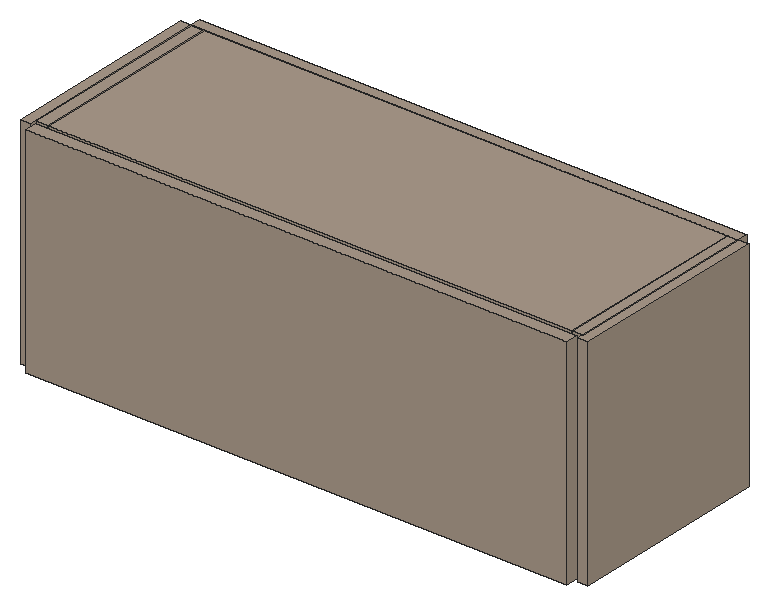
Revit family "Storage-Teknion-PCLS_Literatura-R2015", category Furniture, Revit 2015
Parameters (values of type "Bottom Hinged Door, 13" Height")
  Width [instance] = 35.000"
  Warranty = "http://www.teknion.com/ca/papers/legal-canada"
  Unit Weight URL = "http://www.teknion.com/ca/tools/assets#&asset=bee6a381-b954-425e-8283-5a2de3a804f2,f828d448-4b62-4231-9e5f-9a8991c0ed77"
  URL = "www.teknion.com"
  Sustainability Data = "http://www.teknion.com/ca/tools/assets#&topic=216f99a5-57a0-44fc-b10a-9dee9b29ae4c&asset=444deb64-fe58-4b68-981e-f75e97781df7"
  Series = "Punt Collection"  # constant formula
  Product Page URL = "https://www.teknion.com/ca/products/product-details?productlineid=13efbb6e-8e7a-673b-a6c8-ff05004460c4"
  Product Line = "Punt Collection"  # constant formula
  Product Documentation Link = "https://d2r72yk5wmppdj.cloudfront.net/m/6d514eff6f2d8621/original/PUNT-Sell-Sheet.pdf"
  Part Number = "PCLS"  # constant formula
  Front Drawer Visibility = if(or([(OS) Open Storage, 13" Height], [(OD) Open Storage w Dividers, 13" Height]), 1 > 2, 1 < 2)  # yes
  Finish [instance] = Wood - Teknion - PON - Natural Oak
  Double Divider Hole Depth = if([(DD) Double Drawers, 13" Height], 1.537", 0.500")  # 0.500"
  Default Elevation = 48.000"
  Closed Storage Drawer Cut Hole Depth = if([(CS) Closed Storage, 28" Height], 1.537", 0.500")  # 0.500"
  Central Divider Visibility [instance] = or([(OD) Open Storage w Dividers, 13" Height], Width = 47.000")  # no
  Actual Width [instance] = if(Width = 35.000", 35.512", 47.323")  # 35.512"
  (OS) Open Storage, 13" Height = no
  (OD) Open Storage w Dividers, 13" Height = no
  Model = "PCLSBH_"
  Manufacturer Phone = "416-661-3370"  # constant formula
  Manufacturer Fax = "416.661.4586"  # constant formula
  Manufacturer Contact Information = "http://www.teknion.com/ca/contactus"
  Manufacturer Address = "1150 Flint Road, Toronto, ON. M3J 2J5. Canada"  # constant formula
  Manufacturer = "Teknion"  # constant formula
  Height = 13.66142"
  End Gable Length Offset = if(or([(BH) Bottom Hinged Door, 13" Height], [(CS) Closed Storage, 28" Height], [(DD) Double Drawers, 13" Height]), 0.984", 0.000")  # 0.984"
  (DD) Double Drawers, 13" Height = no
  Description = "Literatura Storage, Bottom Hinged Door, 13\" Height"
  (CS) Closed Storage, 28" Height = no
  (BH) Bottom Hinged Door, 13" Height = yes
  Available Widths [instance] = "35, 47 inches. 47 inch Width not available for Double Drawer and Closed Storage types."  # constant formula
  Assembly Code = "E2020200"
Types (6): name | Front Drawer Visibility | Double Divider Hole Depth | Closed Storage Drawer Cut Hole Depth | Central Divider Visibility | (OS) Open Storage, 13" Height | (OD) Open Storage w Dividers, 13" Height | Model | Height | End Gable Length Offset | (DD) Double Drawers, 13" Height | Description | (CS) Closed Storage, 28" Height | (BH) Bottom Hinged Door, 13" Height
  (no name) | yes | 0.500" | 0.500" | no | no | no | "PCLSBH_" | 13.66142" | 0.984" | no | "Literatura Storage, Bottom Hinged Door, 13\" Height" | no | yes
  Bottom Hinged Door, 13" Height | yes | 0.500" | 0.500" | no | no | no | "PCLSBH_" | 13.66142" | 0.984" | no | "Literatura Storage, Bottom Hinged Door, 13\" Height" | no | yes
  Closed Storage, 28" Height | yes | 0.500" | 1.537" | no | no | no | "PCLSCS35" | 27.933" | 0.984" | no | "Literatura Storage, Closed Storage, 28\" Height, 35\" Width" | yes | no
  Open Storage w Dividers, 13" Height | no | 0.500" | 0.500" | yes | no | yes | "PCLSOD_" | 13.66142" | 0.000" | no | "Literatura Storage, Open Storage w Dividers, 13\" Height" | no | no
  Open Storage, 13" Height | no | 0.500" | 0.500" | no | yes | no | "PCLSOS_" | 13.66142" | 0.000" | no | "Literatura Storage, Open Storage, 13\" Height" | no | no
  Double Drawers, 13" Height | yes | 1.537" | 0.500" | no | no | no | "PCLSDD35" | 13.66142" | 0.984" | yes | "Literatura Storage, Double Drawers, 13\" Height, 35\" Width" | no | no
Reference planes (in)
  plane 1 "Center Front/Back": y = 0
  plane 2: z = 0
  plane 3 "Center Left/Right": x = 0
  plane 4 "Left": x = -17.756
  plane 5 "Right": x = 17.756
  plane 6 "Back": y = 6.94882
  plane 7 "Front": y = -6.90945
  plane 8 "Top": z = 13.66142
  plane 9: y = 6.27953
  plane 10: y = -6.3189
  plane 11: x = -17.12608
  plane 12: x = 17.12608
  plane 13: z = 12.99213
  plane 14: z = 0.66929
  plane 15: x = 16.45679
  plane 16: x = -16.31899
  plane 17: y = -4.50787
  plane 18: z = 6.83071
  plane 19: y = -5.92545
  plane 20: y = -7.65945
Forms (in)
  Extrusion 1, solid, material "Wood - Teknion - PON - Natural Oak" <- "Finish"
    sketch origin (0, 0, 0) x (1, 0, 0) y (0, 1, 0)
      loop
        line (-17.12608, -5.92545) -> (-16.31899, -5.92545) -> (-16.31899, 6.27953) -> (-17.12608, 6.27953) -> (-17.12608, -5.92545)
    from 0 to 13.66142
  Extrusion 2, solid, material "Wood - Teknion - PON - Natural Oak" <- "Finish"
    sketch origin (0, 0, 0) x (-1, 0, 0) y (0, -1, 0)
      loop
        line (-17.12608, 5.92545) -> (-17.12608, -6.27953) -> (-16.45679, -6.27953) -> (-16.45679, 5.92545) -> (-17.12608, 5.92545)
    from 0 to 13.66142
  Extrusion 3, solid, material "Wood - Teknion - PON - Natural Oak" <- "Finish"
    sketch origin (0, 0, 0) x (1, 0, 0) y (0, 1, 0)
      loop
        line (-16.31899, 6.27953) -> (-16.31899, -5.92545) -> (16.45679, -5.92545) -> (16.45679, 6.27953) -> (-16.31899, 6.27953)
    from 0 to 0.66929
  Extrusion 4, solid, material "Wood - Teknion - PON - Natural Oak" <- "Finish"
    sketch origin (0, 0, 0) x (1, 0, 0) y (0, 1, 0)
      loop
        line (-16.31899, 6.27953) -> (-16.31899, -5.92545) -> (16.45679, -5.92545) -> (16.45679, 6.27953) -> (-16.31899, 6.27953)
    from 12.99213 to 13.66142
  Extrusion 5, solid, material "Wood - Teknion - PON - Natural Oak" <- "Finish"
    sketch origin (0, 0, 0) x (1, 0, 0) y (0, 1, 0)
      loop
        line (-17.756, 6.27953) -> (-17.756, -6.3189) -> (-17.12608, -6.3189) -> (-17.12608, 6.27953) -> (-17.756, 6.27953)
    from 0 to 13.66142
  Extrusion 6, solid, material "Wood - Teknion - PON - Natural Oak" <- "Finish"
    sketch origin (0, 0, 0) x (-1, 0, 0) y (0, -1, 0)
      loop
        line (-17.756, -6.27953) -> (-17.12608, -6.27953) -> (-17.12608, 6.3189) -> (-17.756, 6.3189) -> (-17.756, -6.27953)
    from 0 to 13.66142
  Extrusion 7, solid, material "Wood - Teknion - PON - Natural Oak" <- "Finish"
    sketch origin (0, 0, 0) x (1, 0, 0) y (0, 1, 0)
      loop
        line (-17.12608, 6.27953) -> (17.12608, 6.27953) -> (17.12608, 6.94882) -> (-17.12608, 6.94882) -> (-17.12608, 6.27953)
    from 0 to 13.66142
  Extrusion 8, solid, material "Wood - Teknion - PON - Natural Oak" <- "Finish", visible <- "(OD) Open Storage w Dividers, 13" Height"
    sketch origin (0, 0, 0) x (1, 0, 0) y (0, 1, 0)
      loop
        line (-16.31899, -4.50787) -> (16.45679, -4.50787) -> (16.45679, 6.27953) -> (-16.31899, 6.27953) -> (-16.31899, -4.50787)
    from 6.63383 to 7.02753
  Extrusion 9, solid, material "Wood - Teknion - PON - Natural Oak" <- "Finish", visible <- "Central Divider Visibility"
    sketch origin (0, 0, 0) x (1, 0, 0) y (0, 1, 0)
      loop
        line (-0.19685, -4.50787) -> (0.19685, -4.50787) -> (0.19685, 6.27953) -> (-0.19685, 6.27953) -> (-0.19685, -4.50787)
    from 0.66929 to 12.99213
  Extrusion 10, solid, material "Wood - Teknion - PON - Natural Oak" <- "Finish", visible <- "Front Drawer Visibility"
    sketch origin (0, 0, 0) x (1, 0, 0) y (0, 1, 0)
      loop
        line (-16.92923, -6.12205) -> (-16.92923, -6.90945) -> (16.92923, -6.90945) -> (16.92923, -6.12205) -> (-16.92923, -6.12205)
    from 0 to 13.66142
  Extrusion 11, void
    sketch origin (-17.75591, -7.65945, 48) x (1, 0, 0) y (0, 0, 1)
      loop
        line (0.82668, -41.12992) -> (0.82668, -41.20866) -> (34.68513, -41.20866) -> (34.68513, -41.12992) -> (0.82668, -41.12992)
    from 0 to -0.5
  Extrusion 12, void
    sketch origin (-17.75591, -7.65945, 48) x (1, 0, 0) y (0, 0, 1)
      loop
        line (17.79528, -48) -> (17.79528, -34.33858) -> (17.71654, -34.33858) -> (17.71654, -48) -> (17.79528, -48)
    from 0 to -0.5
Cuts and joins
  Extrusion 11, Extrusion 12 cuts Extrusion 10
Lines and regions (in)
  Masking region 1
    outline origin (0, 0, 0) x (1, 0, 0) y (0, 1, 0)
      loop
        line (-17.12608, 6.94882) -> (-17.12608, 6.27953) -> (17.12608, 6.27953) -> (17.12608, 6.94882) -> (-17.12608, 6.94882)
  Masking region 2
    outline origin (0, 0, 0) x (1, 0, 0) y (0, 1, 0)
      loop
        line (-17.756, 6.27953) -> (-17.756, -6.3189) -> (-17.12608, -6.3189) -> (-17.12608, 6.27953) -> (-17.756, 6.27953)
  Masking region 3
    outline origin (0, 0, 0) x (1, 0, 0) y (0, 1, 0)
      loop
        line (17.12608, 6.27953) -> (17.12608, -6.3189) -> (17.756, -6.3189) -> (17.756, 6.27953) -> (17.12608, 6.27953)
  Masking region 4
    outline origin (0, 0, 0) x (1, 0, 0) y (0, 1, 0)
      loop
        line (-16.31899, 6.27953) -> (-16.31899, -5.92545) -> (16.45679, -5.92545) -> (16.45679, 6.27953) -> (-16.31899, 6.27953)
  Masking region 5
    outline origin (0, 0, 0) x (1, 0, 0) y (0, 1, 0)
      loop
        line (-17.12608, 6.27953) -> (-17.12608, -5.92545) -> (-16.31899, -5.92545) -> (-16.31899, 6.27953) -> (-17.12608, 6.27953)
  Masking region 6
    outline origin (0, 0, 0) x (1, 0, 0) y (0, 1, 0)
      loop
        line (16.45679, -5.92545) -> (17.12608, -5.92545) -> (17.12608, 6.27953) -> (16.45679, 6.27953) -> (16.45679, -5.92545)
  Masking region 7, visible <- "Front Drawer Visibility"
    outline origin (0, 0, 0) x (1, 0, 0) y (0, 1, 0)
      loop
        line (16.92923, -6.90945) -> (16.92923, -6.12205) -> (-16.92923, -6.12205) -> (-16.92923, -6.90945) -> (16.92923, -6.90945)
  symbolic lines, style "FurnitureHiddenLines", visible <- "(OD) Open Storage w Dividers, 13" Height", detail levels medium+fine
    curve 1: line (-16.31899, -4.50787, 0) -> (16.45679, -4.50787, 0)
  symbolic lines, style "FurnitureHiddenLines", visible <- "Central Divider Visibility", detail levels medium+fine
    curve 2: line (0.19685, -4.50787, 0) -> (0.19685, 6.27953, 0)
    curve 3: line (-0.19685, 6.27953, 0) -> (-0.19685, -4.50787, 0)
    curve 6: line (-0.19685, -4.50787, 0) -> (0.19685, -4.50787, 0)
  symbolic lines, style "Furniture", visible <- "(CS) Closed Storage, 28" Height"
    curve 4: line (-0.03937, -6.12205, 0) -> (-0.03937, -6.90945, 0)
    curve 5: line (0.03937, -6.90945, 0) -> (0.03937, -6.12205, 0)
Dimensions and locks (in)
  "Actual Width": plane 4 "Left" to plane 5 "Right"
  plane 6 "Back" to plane 7 "Front" = 13.85827"
  "Height": plane 8 "Top" to level
  locked: plane 12 to plane 5 "Right" at 0.62992
  locked: plane 4 "Left" to plane 11 at 0.62992
  locked: plane 6 "Back" to plane 9 at 0.66929
  locked: plane 7 "Front" to plane 10 at 0.59055
  locked: plane 8 "Top" to plane 13 at 0.66929
  locked: plane 14 to plane 2 at 0.66929
  locked: plane 15 to plane 12 at 0.66929
  locked: plane 11 to plane 16 at 0.80709
  locked: plane 7 "Front" to plane 17 at 2.40157
  equal spacing: plane 8 "Top", plane 18, plane 2
  Extrusion 8 to plane 18 to Extrusion 8 = 0.19682" locked, 0.19688" locked
  Extrusion 9 sketch curve to plane 3 "Center Left/Right" to Extrusion 9 sketch curve = 0.19685" locked, 0.19685" locked
  "End Gable Length Offset": plane 19 to plane 7 "Front"
  locked: Extrusion 10 sketch curve to plane 12 at 0.19685
  locked: plane 11 to Extrusion 10 sketch curve at 0.19685
  locked: plane 10 to Extrusion 10 sketch curve at 0.19685
  locked: plane 7 "Front" to plane 20 at 0.75
  Extrusion 11 sketch curve to plane 18 to Extrusion 11 sketch curve = 0.03937" locked, 0.03937" locked
  locked: plane 11 to Extrusion 11 sketch curve at 0.19685
  locked: Extrusion 11 sketch curve to plane 12 at 0.19685
  "Double Divider Hole Depth": Extrusion 11 to plane 20
  Extrusion 12 sketch curve to plane 3 "Center Left/Right" to Extrusion 12 sketch curve = 0.03937" locked, 0.03937" locked
  "Closed Storage Drawer Cut Hole Depth": Extrusion 12 to plane 20
  equal spacing: plane 4 "Left", plane 3 "Center Left/Right", plane 5 "Right"
  aligned and locked: level to plane 2
  aligned and locked: Extrusion 1 sketch curve to plane 11
  aligned and locked: Extrusion 1 sketch curve to plane 16
  aligned and locked: Extrusion 1 sketch curve to plane 9
  aligned and locked: Extrusion 2 to plane 15
  aligned and locked: plane 12 to Extrusion 2
  aligned and locked: plane 9 to Extrusion 2
  aligned and locked: plane 8 "Top" to Extrusion 2
  aligned and locked: Extrusion 2 to plane 2
  aligned and locked: Extrusion 3 sketch curve to plane 16
  aligned and locked: Extrusion 3 sketch curve to plane 9
  aligned and locked: Extrusion 3 sketch curve to plane 15
  aligned and locked: Extrusion 4 sketch curve to plane 16
  aligned and locked: Extrusion 4 sketch curve to plane 9
  aligned and locked: Extrusion 4 sketch curve to plane 15
  aligned and locked: Extrusion 5 sketch curve to plane 4 "Left"
  aligned and locked: Extrusion 5 sketch curve to plane 9
  aligned and locked: Extrusion 5 sketch curve to plane 11
  aligned and locked: Extrusion 5 sketch curve to plane 10
  aligned and locked: plane 10 to Extrusion 6 sketch curve
  aligned and locked: plane 5 "Right" to Extrusion 6 sketch curve
  aligned and locked: plane 12 to Extrusion 6 sketch curve
  aligned and locked: Extrusion 6 sketch curve to plane 9
  aligned and locked: Extrusion 7 sketch curve to plane 11
  aligned and locked: Extrusion 7 sketch curve to plane 6 "Back"
  aligned and locked: Extrusion 7 sketch curve to plane 9
  aligned and locked: Extrusion 7 sketch curve to plane 12
  aligned and locked: plane 8 "Top" to Extrusion 7
  aligned and locked: Extrusion 7 to plane 2
  aligned and locked: plane 8 "Top" to Extrusion 5
  aligned and locked: Extrusion 6 to plane 8 "Top"
  aligned and locked: Extrusion 8 sketch curve to plane 17
  aligned and locked: Extrusion 8 sketch curve to plane 16
  aligned and locked: Extrusion 8 sketch curve to plane 9
  aligned and locked: Extrusion 8 sketch curve to plane 15
  aligned and locked: Extrusion 9 sketch curve to plane 9
  aligned and locked: Extrusion 9 sketch curve to plane 17
  aligned and locked: plane 13 to Extrusion 9
  aligned and locked: Extrusion 9 to plane 14
  aligned and locked: Extrusion 1 to plane 19
  aligned and locked: Extrusion 2 to plane 19
  aligned and locked: Extrusion 4 to plane 19
  aligned and locked: Extrusion 3 to plane 19
  aligned and locked: Extrusion 10 sketch curve to plane 7 "Front"
  aligned and locked: plane 8 "Top" to Extrusion 10
  aligned and locked: Extrusion 10 to plane 2
  aligned and locked: plane 20 to Extrusion 11
  aligned and locked: Extrusion 12 sketch curve to plane 8 "Top"
  aligned and locked: plane 2 to Extrusion 12 sketch curve
  aligned and locked: plane 20 to Extrusion 12
  aligned and locked: Extrusion 4 to plane 13
  aligned and locked: plane 8 "Top" to Extrusion 4
  aligned and locked: plane 8 "Top" to Extrusion 1
  aligned and locked: Extrusion 6 to plane 2
  aligned and locked: Extrusion 5 to plane 2
  aligned and locked: Extrusion 1 to plane 2
  aligned and locked: plane 14 to Extrusion 3
  aligned and locked: Extrusion 3 to plane 2
  aligned and locked: Masking region 1 sketch curve to plane 6 "Back"
  aligned and locked: Masking region 1 sketch curve to plane 12
  aligned and locked: Masking region 1 sketch curve to plane 9
  aligned and locked: Masking region 1 sketch curve to plane 11
  aligned and locked: Masking region 2 sketch curve to plane 9
  aligned and locked: Masking region 2 sketch curve to plane 4 "Left"
  aligned and locked: Masking region 2 sketch curve to plane 11
  aligned and locked: Masking region 2 sketch curve to plane 10
  aligned and locked: Masking region 3 sketch curve to plane 12
  aligned and locked: Masking region 3 sketch curve to plane 9
  aligned and locked: plane 5 "Right" to Masking region 3 sketch curve
  aligned and locked: Masking region 3 sketch curve to plane 10
  aligned and locked: Masking region 4 sketch curve to plane 9
  aligned and locked: Masking region 4 sketch curve to plane 19
  aligned and locked: Masking region 4 sketch curve to plane 15
  aligned and locked: Masking region 4 sketch curve to plane 16
  aligned and locked: Masking region 5 sketch curve to plane 9
  aligned and locked: Masking region 5 sketch curve to plane 16
  aligned and locked: Masking region 5 sketch curve to plane 11
  aligned and locked: Masking region 5 sketch curve to plane 19
  aligned and locked: Masking region 6 sketch curve to plane 19
  aligned and locked: Masking region 6 sketch curve to plane 12
  aligned and locked: Masking region 6 sketch curve to plane 15
  aligned and locked: Masking region 6 sketch curve to plane 9
  aligned and locked: curve 1 to plane 17
  aligned and locked: Masking region 7 sketch curve to cut or joined group of Extrusion 10, Extrusion 11, Extrusion 12  (x3)
  aligned and locked: plane 7 "Front" to Masking region 7 sketch curve
  aligned and locked: curve 4 to cut or joined group of Extrusion 10, Extrusion 11, Extrusion 12
  aligned and locked: cut or joined group of Extrusion 10, Extrusion 11, Extrusion 12 to curve 5
Automatic sketch dimensions
  Extrusion 2 sketch curve to plane 9 = 0.000"
  Extrusion 2 sketch curve to plane 12 = 0.000"
  plane 15 to Extrusion 2 sketch curve = 0.000"
  plane 7 "Front" to Extrusion 2 sketch curve = 0.984"
  Extrusion 1 sketch curve to plane 7 "Front" = 0.984"
  Extrusion 4 sketch curve to plane 7 "Front" = 0.984"
  Extrusion 3 sketch curve to plane 7 "Front" = 0.984"
  curve 1 to plane 15 = 0.000"
  curve 1 to plane 16 = 0.000"
  curve 2 to plane 9 = 0.000"
  curve 3 to plane 9 = 0.000"
  plane 7 "Front" to curve 4 = 0.000"
  curve 4 to plane 19 = 0.1966"
  plane 7 "Front" to curve 5 = 0.000"
  curve 4 to curve 5 = 0.000"
  curve 6 to curve 2 = 0.000"
  curve 6 to plane 17 = 0.000"
  curve 3 to plane 3 "Center Left/Right" = 0.19685"
  plane 3 "Center Left/Right" to curve 2 = 0.19685"
